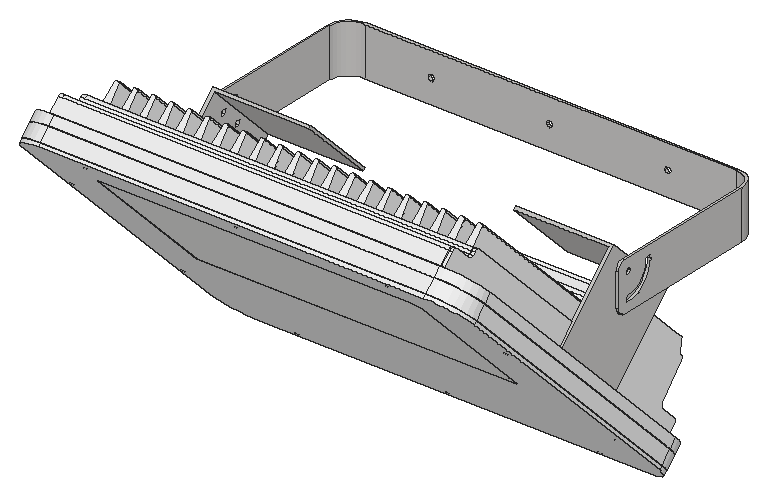
Revit family "FT ATEX LED MAX_2021", category Luminarias, Revit 2021 (continued)
Parameters (values of type "PA304B")
    0\t0\t0\r\n0\t0\t0\t0\t0\t0\t0\t0\t0\t0\r\n0\r\n3511.7158\t3420.2693\t3332.2414\t3242.0768\t3153.6216\t3065.5937\t2985.2575\t2910.0492\t2838.4731\t2768.6063\r\n2699.3804\t2607.5066\t2508.3684\t2413.9307\t2323.5525\t2238.3022\t2172.7085\t2123.5667\t2059.2551\t2008.404\r\n1974.2184\t1944.947\t1923.7946\t1902.6423\t1888.1134\t1871.2343\t1853.0732\t1837.6897\t1825.7247\t1823.3744\r\n1839.8263\t1872.7299\t1930.2044\t2002.8488\t2073.5703\t2105.4056\t2058.8278\t1917.3848\t1687.7003\t1411.8653\r\n1111.673\t711.7015\t348.6931\t248.7002\t199.7721\t161.7406\t0\t0\t0\t0\r\n0\t0\t0\t0\t0\t0\t0\t0\t0\t0\r\n0\t0\t0\t0\t0\t0\t0\t0\t0\t0\r\n0\t0\t0\t0\t0\t0\t0\t0\t0\t0\r\n0\t0\t0\t0\t0\t0\t0\t0\t0\t0\r\n0\r\n3505.7333\t3408.3043\t3313.8666\t3219.4289\t3125.8458\t3033.331\t2949.149\t2873.5133\t2798.7323\t2722.6694\r\n2644.8971\t2535.2896\t2431.2371\t2329.9623\t2234.8836\t2149.8469\t2081.6894\t2030.6246\t1968.4496\t1922.94\r\n1890.0364\t1866.3201\t1839.6126\t1821.4515\t1806.9226\t1798.5899\t1791.1118\t1782.3517\t1778.9332\t1797.0943\r\n1822.3061\t1868.4567\t1935.1186\t2002.8488\t2054.7682\t2059.8961\t1958.4076\t1809.9139\t1598.3905\t1297.9845\r\n964.6749\t615.9818\t332.0276\t252.3325\t200.8404\t165.1592\t0\t0\t0\t0\r\n0\t0\t0\t0\t0\t0\t0\t0\t0\t0\r\n0\t0\t0\t0\t0\t0\t0\t0\t0\t0\r\n0\t0\t0\t0\t0\t0\t0\t0\t0\t0\r\n0\t0\t0\t0\t0\t0\t0\t0\t0\t0\r\n0\r\n3498.4688\t3395.912\t3295.9192\t3196.9946\t3100.2066\t3005.1279\t2918.5956\t2842.5326\t2766.256\t2683.1423\r\n2591.0548\t2466.491\t2357.7381\t2252.831\t2156.8977\t2072.0747\t2004.5581\t1951.5704\t1895.5915\t1856.0644\r\n1827.8613\t1798.5899\t1776.3692\t1760.9857\t1752.2257\t1745.8159\t1744.1066\t1745.6022\t1756.4989\t1782.779\r\n1829.7842\t1891.532\t1956.4846\t2006.9084\t2020.7963\t1989.1746\t1899.4374\t1737.6968\t1488.9965\t1170.0022\r\n819.1724\t516.4162\t332.0276\t261.7335\t199.7721\t161.7406\t0\t0\t0\t0\r\n0\t0\t0\t0\t0\t0\t0\t0\t0\t0\r\n0\t0\t0\t0\t0\t0\t0\t0\t0\t0\r\n0\t0\t0\t0\t0\t0\t0\t0\t0\t0\r\n0\t0\t0\t0\t0\t0\t0\t0\t0\t0\r\n0\r\n3503.383\t3393.9891\t3291.005\t3187.1662\t3086.746\t2991.24\t2902.7848\t2825.6535\t2746.3856\t2657.2894\r\n2547.0409\t2417.5629\t2302.8275\t2195.3565\t2101.3461\t2017.3777\t1949.6475\t1895.1642\t1843.6721\t1808.4182\r\n1777.0102\t1752.653\t1735.7738\t1724.0225\t1716.1171\t1715.4761\t1719.1084\t1727.8684\t1750.73\t1795.1713\r\n1843.6721\t1899.6511\t1962.2534\t2001.3532\t2003.4898\t1967.8086\t1850.0819\t1654.583\t1402.8916\t1107.6134\r\n781.141\t463.6422\t328.3954\t276.0487\t195.9262\t163.6636\t0\t0\t0\t0\r\n0\t0\t0\t0\t0\t0\t0\t0\t0\t0\r\n0\t0\t0\t0\t0\t0\t0\t0\t0\t0\r\n0\t0\t0\t0\t0\t0\t0\t0\t0\t0\r\n0\t0\t0\t0\t0\t0\t0\t0\t0\t0\r\n0\r\n3499.7508\t3385.6564\t3278.6127\t3173.2783\t3071.5762\t2973.0789\t2885.051\t2806.2104\t2719.6781\t2626.0951\r\n2504.0952\t2366.4982\t2248.3442\t2141.0869\t2047.5038\t1968.2359\t1902.4286\t1847.7317\t1802.6494\t1766.9682\r\n1740.2607\t1721.4586\t1708.2117\t1697.7424\t1695.8194\t1698.597\t1704.1522\t1719.1084\t1757.1398\t1816.3237\r\n1861.4059\t1918.4531\t1982.1238\t2021.2236\t2016.3094\t1956.9119\t1818.8876\t1618.4745\t1345.417\t1068.941\r\n742.4685\t419.8419\t316.0031\t263.2291\t199.9858\t164.7319\t0\t0\t0\t0\r\n0\t0\t0\t0\t0\t0\t0\t0\t0\t0\r\n0\t0\t0\t0\t0\t0\t0\t0\t0\t0\r\n0\t0\t0\t0\t0\t0\t0\t0\t0\t0\r\n0\t0\t0\t0\t0\t0\t0\t0\t0\t0\r\n0\r\n3502.742\t3385.0154\t3274.3395\t3166.8685\t3063.4571\t2963.6779\t2874.1543\t2795.3138\t2704.2946\t2606.011\r\n2474.8238\t2335.3038\t2213.3039\t2106.2603\t2012.2499\t1934.264\t1869.3113\t1815.8963\t1775.9419\t1742.8246\r\n1719.963\t1703.2975\t1687.273\t1680.0086\t1684.2818\t1685.7774\t1695.6058\t1718.0401\t1769.3185\t1827.434\r\n1875.2938\t1940.0328\t1993.6615\t2026.5651\t2021.8646\t1954.348\t1813.5461\t1598.1768\t1311.8724\t979.8448\r\n570.4722\t302.7562\t261.3062\t224.984\t184.3886\t160.245\t0\t0\t0\t0\r\n0\t0\t0\t0\t0\t0\t0\t0\t0\t0\r\n0\t0\t0\t0\t0\t0\t0\t0\t0\t0\r\n0\t0\t0\t0\t0\t0\t0\t0\t0\t0\r\n0\t0\t0\t0\t0\t0\t0\t0\t0\t0\r\n0\r\n3498.8962\t3378.6056\t3265.7931\t3158.1085\t3052.5604\t2953.2085\t2863.044\t2779.5029\t2687.2018\t2584.645\r\n2445.5524\t2303.6821\t2180.614\t2073.5703\t1983.6194\t1904.9926\t1843.2448\t1794.103\t1757.5672\t1727.0138\r\n1706.0751\t1689.196\t1677.0173\t1674.8807\t1676.59\t1684.2818\t1699.238\t1728.9367\t1782.3517\t1831.7072\r\n1872.7299\t1941.9557\t1989.1746\t2017.3777\t2004.3445\t1936.1869\t1796.2396\t1572.5376\t1250.9793\t733.7084\r\n388.2202\t251.2642\t230.9665\t198.9175\t166.6548\t149.7757\t0\t0\t0\t0\r\n0\t0\t0\t0\t0\t0\t0\t0\t0\t0\r\n0\t0\t0\t0\t0\t0\t0\t0\t0\t0\r\n0\t0\t0\t0\t0\t0\t0\t0\t0\t0\r\n0\t0\t0\t0\t0\t0\t0\t0\t0\t0\r\n0\r\n3501.2464\t3378.1783\t3264.2975\t3155.9719\t3051.0648\t2950.8583\t2859.6254\t2772.2385\t2678.6554\t2571.1844\r\n2430.8098\t2288.9396\t2164.5895\t2053.9136\t1965.2447\t1888.5407\t1827.2203\t1780.4288\t1745.1749\t1716.9718\r\n1701.8019\t1687.273\t1678.513\t1677.0173\t1681.9315\t1687.7003\t1702.2292\t1731.5006\t1783.42\t1826.3657\r\n1874.8665\t1940.0328\t1983.6194\t2008.8313\t1998.5756\t1940.6738\t1803.5041\t1571.042\t1144.5766\t610.4266\r\n336.5145\t226.4796\t207.6775\t180.1154\t157.6811\t148.28\t0\t0\t0\t0\r\n0\t0\t0\t0\t0\t0\t0\t0\t0\t0\r\n0\t0\t0\t0\t0\t0\t0\t0\t0\t0\r\n0\t0\t0\t0\t0\t0\t0\t0\t0\t0\r\n0\t0\t0\t0\t0\t0\t0\t0\t0\t0\r\n0\r\n3496.3322\t3373.2641\t3257.8877\t3148.0664\t3043.8004\t2943.8075\t2851.72\t2762.8375\t2667.7588\t2557.9375\r\n2414.1443\t2273.9834\t2150.9152\t2041.5213\t1952.8524\t1877.4304\t1819.5286\t1776.7966\t1745.6022\t1718.4674\r\n1704.5795\t1695.1784\t1691.7599\t1688.3413\t1693.6828\t1694.7511\t1709.4937\t1741.1153\t1800.5128\t1844.0995\r\n1902.6423\t1959.0485\t1997.08\t2008.404\t1982.7648\t1924.6493\t1789.1888\t1551.8126\t1025.9953\t554.4477\r\n308.7387\t216.2239\t195.9262\t175.2012\t167.0821\t162.8089\t0\t0\t0\t0\r\n0\t0\t0\t0\t0\t0\t0\t0\t0\t0\r\n0\t0\t0\t0\t0\t0\t0\t0\t0\t0\r\n0\t0\t0\t0\t0\t0\t0\t0\t0\t0\r\n0\t0\t0\t0\t0\t0\t0\t0\t0\t0\r\n0\r\n3501.2464\t3376.6826\t3260.4516\t3151.0577\t3046.5779\t2946.7987\t2855.1386\t2764.3331\t2668.8271\t2559.0058\r\n2415.4263\t2275.0517\t2150.4879\t2043.0169\t1953.0661\t1879.3534\t1827.8613\t1786.1976\t1755.6442\t1726.8001\r\n1710.562\t1706.0751\t1717.3991\t1711.2029\t1706.0751\t1711.6303\t1721.0313\t1747.0978\t1809.0592\t1859.483\r\n1911.8297\t1959.9032\t1994.9434\t2008.8313\t1977.8506\t1919.7351\t1790.2571\t1558.6497\t1025.3543\t567.2673\r\n311.5163\t218.1469\t193.3623\t172.6373\t167.0821\t164.3045\t0\t0\t0\t0\r\n0\t0\t0\t0\t0\t0\t0\t0\t0\t0\r\n0\t0\t0\t0\t0\t0\t0\t0\t0\t0\r\n0\t0\t0\t0\t0\t0\t0\t0\t0\t0\r\n0\t0\t0\t0\t0\t0\t0\t0\t0\t0\r\n0\r\n3494.8366\t3372.1958\t3255.9647\t3148.0664\t3044.655\t2944.8758\t2853.8566\t2763.2648\t2666.6905\t2557.5102\r\n2413.5034\t2272.0604\t2148.9923\t2043.4442\t1954.348\t1880.849\t1825.2974\t1781.7107\t1748.1661\t1721.0313\r\n1704.1522\t1693.8965\t1700.0926\t1693.8965\t1687.914\t1693.6828\t1707.998\t1742.8246\t1801.5811\t1845.1678\r\n1900.5057\t1949.0065\t1988.5336\t2005.4128\t1970.3725\t1913.3253\t1788.1205\t1559.718\t1048.6433\t562.5668\r\n314.5075\t219.0015\t200.8404\t179.6881\t162.1679\t160.245\t0\t0\t0\t0\r\n0\t0\t0\t0\t0\t0\t0\t0\t0\t0\r\n0\t0\t0\t0\t0\t0\t0\t0\t0\t0\r\n0\t0\t0\t0\t0\t0\t0\t0\t0\t0\r\n0\t0\t0\t0\t0\t0\t0\t0\t0\t0\r\n0\r\n3495.4776\t3374.1187\t3258.956\t3153.6216\t3050.2102\t2952.7812\t2861.762\t2770.1019\t2674.8095\t2566.9112\r\n2425.4683\t2285.3074\t2161.8119\t2054.3409\t1965.2447\t1888.1134\t1829.7842\t1783.2064\t1747.7388\t1717.3991\r\n1699.6653\t1684.9228\t1677.872\t1680.4359\t1677.0173\t1681.2905\t1697.1014\t1729.364\t1779.7878\t1821.0242\r\n1874.2255\t1932.5547\t1968.2359\t1993.4478\t1973.3638\t1912.0433\t1793.2484\t1584.0752\t1187.3086\t648.0308\r\n355.7439\t235.026\t217.0786\t184.6022\t158.7494\t151.9123\t0\t0\t0\t0\r\n0\t0\t0\t0\t0\t0\t0\t0\t0\t0\r\n0\t0\t0\t0\t0\t0\t0\t0\t0\t0\r\n0\t0\t0\t0\t0\t0\t0\t0\t0\t0\r\n0\t0\t0\t0\t0\t0\t0\t0\t0\t0\r\n0\r\n3489.4951\t3370.7002\t3256.8194\t3152.126\t3051.0648\t2952.1402\t2863.2577\t2773.7341\t2681.0057\t2574.1757\r\n2436.1513\t2298.127\t2175.6998\t2069.7244\t1979.7736\t1904.9926\t1843.0312\t1795.5986\t1758.2081\t1728.5094\r\n1706.0751\t1689.4096\t1680.0086\t1683.8545\t1680.8632\t1681.5042\t1694.3238\t1724.8772\t1771.4551\t1825.7247\r\n1876.3621\t1938.5372\t1968.8769\t2000.0713\t1989.1746\t1916.9575\t1801.5811\t1612.0647\t1318.7095\t827.0779\r\n423.0468\t270.7072\t241.0085\t202.336\t167.0821\t153.8352\t0\t0\t0\t0\r\n0\t0\t0\t0\t0\t0\t0\t0\t0\t0\r\n0\t0\t0\t0\t0\t0\t0\t0\t0\t0\r\n0\t0\t0\t0\t0\t0\t0\t0\t0\t0\r\n0\t0\t0\t0\t0\t0\t0\t0\t0\t0\r\n0\r\n3492.9137\t3377.7509\t3267.716\t3163.0226\t3062.1751\t2962.1822\t2876.0773\t2790.3996\t2698.9531\t2598.5329\r\n2465.8501\t2331.0306\t2208.6034\t2104.7647\t2011.8226\t1934.0503\t1870.807\t1819.5286\t1779.3605\t1747.0978\r\n1721.8859\t1703.2975\t1688.7686\t1685.9911\t1692.8282\t1690.2643\t1696.6741\t1713.9805\t1755.0032\t1811.4095\r\n1865.8928\t1932.7684\t1974.2184\t2012.8909\t2017.3777\t1960.9715\t1836.194\t1662.7021\t1400.3276\t1078.983\r\n646.9625\t342.9243\t271.5619\t224.984\t182.4656\t162.8089\t0\t0\t0\t0\r\n0\t0\t0\t0\t0\t0\t0\t0\t0\t0\r\n0\t0\t0\t0\t0\t0\t0\t0\t0\t0\r\n0\t0\t0\t0\t0\t0\t0\t0\t0\t0\r\n0\t0\t0\t0\t0\t0\t0\t0\t0\t0\r\n0\r\n3485.4356\t3374.7597\t3269.2117\t3166.0139\t3067.5166\t2970.0877\t2884.41\t2803.2192\t2714.3366\t2616.9077\r\n2495.1215\t2363.0796\t2246.2076\t2140.4459\t2050.0677\t1971.8681\t1907.5565\t1851.1502\t1807.1363\t1774.4463\r\n1748.8071\t1727.0138\t1710.9893\t1703.0839\t1703.2975\t1705.2205\t1703.7248\t1714.4078\t1748.1661\t1799.2309\r\n1847.0907\t1917.3848\t1966.7403\t2006.4811\t2023.1465\t1980.6282\t1861.8332\t1684.2818\t1427.0351\t1120.0057\r\n774.0902\t459.1553\t320.9173\t253.4008\t190.3711\t165.1592\t0\t0\t0\t0\r\n0\t0\t0\t0\t0\t0\t0\t0\t0\t0\r\n0\t0\t0\t0\t0\t0\t0\t0\t0\t0\r\n0\t0\t0\t0\t0\t0\t0\t0\t0\t0\r\n0\t0\t0\t0\t0\t0\t0\t0\t0\t0\r\n0\r\n3488.8541\t3381.5968\t3277.7581\t3177.7652\t3082.9001\t2988.2488\t2902.3574\t2824.1579\t2742.1124\t2649.384\r\n2539.7764\t2413.076\t2301.3319\t2194.9292\t2103.91\t2022.7192\t1957.3393\t1896.6598\t1849.0136\t1815.0417\r\n1786.1976\t1761.413\t1741.329\t1728.2957\t1721.8859\t1722.5269\t1720.3903\t1723.8089\t1747.7388\t1790.2571\r\n1830.8525\t1899.6511\t1957.3393\t1999.4303\t2027.6334\t2004.5581\t1898.5828\t1714.6215\t1458.8705\t1179.1895\r\n848.8712\t500.6054\t339.7194\t264.5111\t191.012\t164.3045\t0\t0\t0\t0\r\n0\t0\t0\t0\t0\t0\t0\t0\t0\t0\r\n0\t0\t0\t0\t0\t0\t0\t0\t0\t0\r\n0\t0\t0\t0\t0\t0\t0\t0\t0\t0\r\n0\t0\t0\t0\t0\t0\t0\t0\t0\t0\r\n0\r\n3485.0083\t3384.5881\t3286.5181\t3189.7301\t3097.2154\t3004.2733\t2920.5185\t2844.4556\t2768.179\t2681.0057\r\n2583.5767\t2464.9954\t2358.5927\t2257.1042\t2166.0851\t2084.6806\t2017.1641\t1957.5529\t1903.9243\t1864.8245\r\n1833.6301\t1805.427\t1782.3517\t1765.8999\t1756.0715\t1750.0891\t1748.1661\t1746.2432\t1758.6355\t1788.7615\r\n1831.7072\t1892.6003\t1951.9978\t2011.8226\t2050.495\t2035.1115\t1947.5109\t1763.977\t1518.268\t1238.587\r\n920.02\t542.0554\t344.8472\t259.8106\t194.0033\t165.5865\t0\t0\t0\t0\r\n0\t0\t0\t0\t0\t0\t0\t0\t0\t0\r\n0\t0\t0\t0\t0\t0\t0\t0\t0\t0\r\n0\t0\t0\t0\t0\t0\t0\t0\t0\t0\r\n0\t0\t0\t0\t0\t0\t0\t0\t0\t0\r\n0\r\n3485.8629\t3391.8525\t3298.4831\t3206.3956\t3118.3677\t3030.3398\t2947.867\t2873.086\t2800.228\t2719.6781\r\n2635.4961\t2529.3071\t2429.3142\t2331.4579\t2242.789\t2161.5982\t2094.0817\t2034.0432\t1973.7911\t1929.7771\r\n1895.5915\t1866.9611\t1840.2536\t1820.3832\t1807.1363\t1796.6669\t1789.6162\t1785.7703\t1786.4113\t1803.7177\r\n1828.2886\t1880.6353\t1949.0065\t2010.7543\t2072.7157\t2093.0134\t2009.8996\t1843.6721\t1616.5516\t1343.4941\r\n1031.9778\t640.98\t337.7965\t256.8193\t196.3535\t167.7231\t0\t0\t0\t0\r\n0\t0\t0\t0\t0\t0\t0\t0\t0\t0\r\n0\t0\t0\t0\t0\t0\t0\t0\t0\t0\r\n0\t0\t0\t0\t0\t0\t0\t0\t0\t0\r\n0\t0\t0\t0\t0\t0\t0\t0\t0\t0\r\n0\r\n3482.8717\t3396.3394\t3308.9524\t3222.2065\t3136.7425\t3054.4834\t2975.8565\t2903.6394\t2833.5589\t2758.7779\r\n2683.9969\t2591.0548\t2499.181\t2407.5209\t2322.0569\t2245.3529\t2181.0413\t2124.2077\t2057.7595\t2010.7543\r\n1974.8594\t1946.0153\t1920.8034\t1895.1642\t1879.7807\t1863.9698\t1852.0049\t1843.2448\t1837.2623\t1835.7667\r\n1851.1502\t1882.3446\t1947.9382\t2002.4215\t2052.8453\t2117.1569\t2034.4705\t1888.5407\t1696.2467\t1440.4957\r\n1116.3735\t693.113\t373.4777\t265.5794\t203.4043\t169.646\t0\t0\t0\t0\r\n0\t0\t0\t0\t0\t0\t0\t0\t0\t0\r\n0\t0\t0\t0\t0\t0\t0\t0\t0\t0\r\n0\t0\t0\t0\t0\t0\t0\t0\t0\t0\r\n0\t0\t0\t0\t0\t0\t0\t0\t0\t0\r\n0\r\n3482.4443\t3404.2448\t3324.1223\t3243.5725\t3162.5953\t3089.3099\t3015.1699\t2945.3031\t2879.0685\t2813.6885\r\n2743.3944\t2663.6992\t2578.2352\t2494.6942\t2412.4351\t2340.859\t2280.3932\t2230.3967\t2167.1534\t2109.8925\r\n2075.7069\t2047.9311\t2023.3602\t1999.4303\t1973.3638\t1961.3988\t1945.1606\t1927.6405\t1910.5477\t1901.574\r\n1901.574\t1916.9575\t1957.3393\t2007.763\t2027.6334\t2090.8768\t2081.4757\t1954.5617\t1795.5986\t1570.6147\r\n1293.0703\t842.8887\t495.2639\t297.2011\t211.7371\t179.4744\t0\t0\t0\t0\r\n0\t0\t0\t0\t0\t0\t0\t0\t0\t0\r\n0\t0\t0\t0\t0\t0\t0\t0\t0\t0\r\n0\t0\t0\t0\t0\t0\t0\t0\t0\t0\r\n0\t0\t0\t0\t0\t0\t0\t0\t0\t0\r\n0\r\n3479.6668\t3408.9453\t3335.2326\t3260.8789\t3187.1662\t3119.436\t3052.7741\t2986.9668\t2925.6464\t2864.7533\r\n2801.2963\t2733.9934\t2653.8709\t2580.5855\t2503.4542\t2437.6469\t2382.95\t2338.936\t2280.3932\t2220.9957\r\n2185.5281\t2158.8206\t2136.3863\t2112.2428\t2090.4494\t2067.3742\t2046.4355\t2032.1203\t2010.3269\t1986.1834\r\n1976.7823\t1990.6702\t1995.1571\t2027.2061\t2041.5213\t2055.8365\t2070.1517\t1988.5336\t1893.6686\t1716.5444\r\n1491.9878\t1100.5627\t637.1341\t367.9225\t229.8982\t188.0208\t0\t0\t0\t0\r\n0\t0\t0\t0\t0\t0\t0\t0\t0\t0\r\n0\t0\t0\t0\t0\t0\t0\t0\t0\t0\r\n0\t0\t0\t0\t0\t0\t0\t0\t0\t0\r\n0\t0\t0\t0\t0\t0\t0\t0\t0\t0\r\n0\r\n3482.4443\t3421.1239\t3354.462\t3288.0137\t3220.9245\t3159.3904\t3097.6427\t3037.1769\t2981.4116\t2926.9283\r\n2867.1035\t2808.347\t2740.4032\t2673.3139\t2604.5154\t2542.7677\t2495.7625\t2457.09\t2410.0848\t2340.859\r\n2304.3231\t2281.4615\t2260.0955\t2238.5158\t2217.5771\t2197.7068\t2177.1954\t2155.1884\t2131.4722\t2110.7471\r\n2094.9363\t2083.185\t2059.8961\t2048.9994\t2038.5301\t2026.1378\t2024.2148\t2003.0625\t1953.0661\t1852.0049\r\n1701.1609\t1428.1034\t978.5628\t468.5564\t247.8456\t190.3711\t0\t0\t0\t0\r\n0\t0\t0\t0\t0\t0\t0\t0\t0\t0\r\n0\t0\t0\t0\t0\t0\t0\t0\t0\t0\r\n0\t0\t0\t0\t0\t0\t0\t0\t0\t0\r\n0\t0\t0\t0\t0\t0\t0\t0\t0\t0\r\n0\r\n3478.1711\t3425.1835\t3367.2816\t3306.3885\t3247.632\t3193.1487\t3136.7425\t3083.3275\t3032.9037\t2981.839\r\n2930.5606\t2876.0773\t2820.5257\t2756.855\t2700.4487\t2641.4786\t2605.37\t2576.7396\t2541.6994\t2467.9867\r\n2431.2371\t2410.0848\t2387.2232\t2368.4211\t2348.1234\t2330.8169\t2314.1515\t2292.3581\t2266.7189\t2241.5071\r\n2220.5684\t2186.5964\t2168.2217\t2135.959\t2097.9275\t2072.0747\t2035.5388\t2027.2061\t2019.3007\t2016.3094\r\n1954.5617\t1708.639\t1346.4853\t707.8556\t327.1135\t210.2414\t0\t0\t0\t0\r\n0\t0\t0\t0\t0\t0\t0\t0\t0\t0\r\n0\t0\t0\t0\t0\t0\t0\t0\t0\t0\r\n0\t0\t0\t0\t0\t0\t0\t0\t0\t0\r\n0\t0\t0\t0\t0\t0\t0\t0\t0\t0\r\n0\r\n3479.6668\t3436.5074\t3387.5793\t3335.2326\t3283.5269\t3235.667\t3187.8072\t3139.3064\t3091.6602\t3044.655\r\n2997.8635\t2950.8583\t2903.6394\t2851.9337\t2803.8602\t2755.7867\t2721.8147\t2708.3542\t2685.7062\t2617.335\r\n2576.7396\t2553.0233\t2538.7081\t2519.2651\t2502.1723\t2482.7292\t2466.9184\t2450.6802\t2435.2967\t2420.9815\r\n2393.633\t2368.4211\t2347.6961\t2302.8275\t2238.5158\t2178.9047\t2131.6858\t2104.3373\t2105.4056\t2108.1832\r\n2120.1482\t1926.7859\t1587.9211\t1000.3561\t493.7683\t247.2046\t0\t0\t0\t0\r\n0\t0\t0\t0\t0\t0\t0\t0\t0\t0\r\n0\t0\t0\t0\t0\t0\t0\t0\t0\t0\r\n0\t0\t0\t0\t0\t0\t0\t0\t0\t0\r\n0\t0\t0\t0\t0\t0\t0\t0\t0\t0\r\n0\r\n3476.0345\t3442.0626\t3401.8945\t3357.2396\t3313.8666\t3272.8439\t3232.6758\t3188.2345\t3145.7162\t3101.7022\r\n3059.1839\t3020.0841\t2980.9843\t2941.2436\t2900.2208\t2860.2664\t2833.1316\t2827.5764\t2818.6027\t2772.6658\r\n2721.6011\t2702.3717\t2693.6116\t2685.4925\t2673.1003\t2661.349\t2651.0933\t2645.5381\t2639.983\t2634.6415\r\n2612.4208\t2606.8657\t2580.1582\t2520.3334\t2450.0392\t2378.0358\t2289.7942\t2232.5333\t2185.9555\t2186.5964\r\n2152.1972\t2020.369\t1700.0926\t1175.771\t661.9187\t302.7562\t0\t0\t0\t0\r\n0\t0\t0\t0\t0\t0\t0\t0\t0\t0\r\n0\t0\t0\t0\t0\t0\t0\t0\t0\t0\r\n0\t0\t0\t0\t0\t0\t0\t0\t0\t0\r\n0\t0\t0\t0\t0\t0\t0\t0\t0\t0\r\n0\r\n3474.1116\t3451.891\t3420.6966\t3385.4427\t3349.9751\t3316.8578\t3283.5269\t3245.0681\t3206.3956\t3168.7915\r\n3130.3327\t3094.2241\t3062.6024\t3033.972\t3003.205\t2970.515\t2944.8758\t2947.867\t2951.7129\t2939.9616\r\n2877.5729\t2859.6254\t2855.3522\t2859.6254\t2858.7708\t2865.1806\t2869.2401\t2878.4275\t2894.452\t2908.7672\r\n2913.2541\t2909.6219\t2875.009\t2805.3558\t2739.1212\t2661.349\t2546.6135\t2434.6557\t2303.6821\t2190.015\r\n2111.3881\t1974.6457\t1722.5269\t1187.7359\t648.0308\t322.4129\t0\t0\t0\t0\r\n0\t0\t0\t0\t0\t0\t0\t0\t0\t0\r\n0\t0\t0\t0\t0\t0\t0\t0\t0\t0\r\n0\t0\t0\t0\t0\t0\t0\t0\t0\t0\r\n0\t0\t0\t0\t0\t0\t0\t0\t0\t0\r\n0\r\n3471.7613\t3459.1554\t3437.5757\t3412.3639\t3385.0154\t3360.8718\t3333.096\t3302.329\t3269.8526\t3235.667\r\n3199.5585\t3170.2871\t3144.6479\t3122.8546\t3101.7022\t3077.986\t3052.5604\t3062.1751\t3077.345\t3091.2329\r\n3041.8774\t3020.9387\t3028.8442\t3045.7233\t3062.1751\t3087.1733\t3114.9491\t3148.4938\t3191.0121\t3243.1451\r\n3277.3307\t3291.4323\t3264.2975\t3208.5322\t3139.3064\t3033.972\t2873.5133\t2680.151\t2453.4578\t2223.1323\r\n2003.0625\t1769.5321\t1474.6813\t998.2195\t544.6193\t321.131\t0\t0\t0\t0\r\n0\t0\t0\t0\t0\t0\t0\t0\t0\t0\r\n0\t0\t0\t0\t0\t0\t0\t0\t0\t0\r\n0\t0\t0\t0\t0\t0\t0\t0\t0\t0\r\n0\t0\t0\t0\t0\t0\t0\t0\t0\t0\r\n0\r\n3499.9645\t3495.9049\t3486.5039\t3469.1974\t3451.891\t3434.1572\t3413.2185\t3390.1432\t3363.863\t3335.0189\r\n3304.8929\t3279.681\t3255.9647\t3236.5217\t3219.8562\t3206.6093\t3191.6531\t3196.5673\t3214.942\t3248.4866\r\n3238.0173\t3214.301\t3232.2485\t3263.4428\t3305.3202\t3358.7352\t3419.201\t3494.4093\t3595.6841\t3711.4879\r\n3801.6524\t3864.8957\t3904.4228\t3910.4053\t3840.7522\t3686.917\t3419.6283\t3084.8231\t2688.4838\t2209.2444\r\n1755.0032\t1384.5168\t1015.526\t605.9398\t330.9593\t240.7948\t0\t0\t0\t0\r\n0\t0\t0\t0\t0\t0\t0\t0\t0\t0\r\n0\t0\t0\t0\t0\t0\t0\t0\t0\t0\r\n0\t0\t0\t0\t0\t0\t0\t0\t0\t0\r\n0\t0\t0\t0\t0\t0\t0\t0\t0\t0\r\n0\r\n3505.306\t3512.5704\t3514.2797\t3509.5792\t3501.8874\t3491.4181\t3480.5214\t3467.2745\t3450.3953\t3429.0293\r\n3408.7316\t3390.5705\t3369.8455\t3351.4708\t3340.5741\t3336.5146\t3333.096\t3338.0102\t3357.4532\t3391.8525\r\n3429.4567\t3404.8858\t3418.56\t3462.3603\t3523.6807\t3605.2988\t3702.5141\t3824.9413\t3981.7678\t4171.7115\r\n4347.34\t4496.0474\t4621.2521\t4707.3571\t4668.2573\t4490.7059\t4176.412\t3688.8399\t2958.7637\t2208.1761\r\n1643.2591\t1146.2859\t716.402\t397.8349\t290.3639\t218.5742\t0\t0\t0\t0\r\n0\t0\t0\t0\t0\t0\t0\t0\t0\t0\r\n0\t0\t0\t0\t0\t0\t0\t0\t0\t0\r\n0\t0\t0\t0\t0\t0\t0\t0\t0\t0\r\n0\t0\t0\t0\t0\t0\t0\t0\t0\t0\r\n0\r\n3516.2026\t3536.073\t3548.6789\t3554.6614\t3558.08
